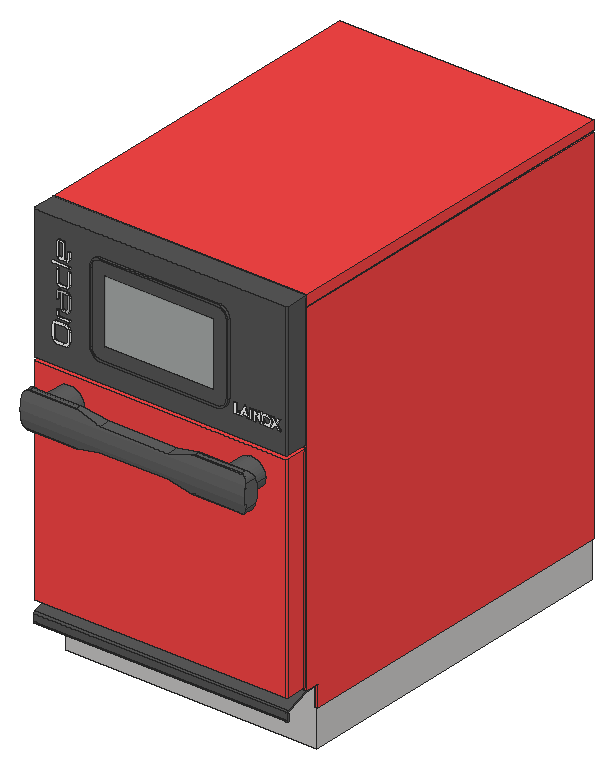
Revit family "QF_LAINOX_Oracle XS--", category Specialty Equipment, Revit 2021
Family settings
  Round Connector Dimension = Use Diameter
  Part Type = Normal
  OmniClass Number = 23.40.40.14
  OmniClass Title = Food Service Equipment
  Work Plane-Based = No
  Always vertical = Yes
  Cut with Voids When Loaded = No
  Shared = No
  Room Calculation Point = No
Parameters (values of type "ORXSTR_Red_230V 1Ph 50Hz")
  Mat_Plastic_Black Glossy = QF_Plastic-Black-Glossy
  Weight = 50.00 kg
  Volts = 230 V
  Volt Free Conn = no
  URL Manufacturer = "https://www.lainox.com"
  URL Cutsheet = "ORXSTR.pdf"
  URL = ""
  Show Symbol [instance] = yes
  Show Opening [instance] = yes
  Show Logo [instance] = yes
  Show Clearance [instance] = no
  Potential Equalisation = yes
  Phase = 1
  Number of Poles = 1
  Model = "ORXSTR Red"
  Mat_Logo_a = QF_Plastic-Gray-Matte
  Mat_Logo = QF_Plastic-White-Matte
  Mat_LCD = QF_Glass-Cast-Clear
  Mat_Clearance = QF_Clearance
  Mat_Case = QF_Stainless-Brushed
  Mat_Plastic_Black Matte = QF_Plastic-Black-Matte
  Mat_Case_Paint = QF_Plastic-Red
  Masterspec = ""
  Manufacturer = "LAINOX"
  Main switch integrated = no
  Length Actual = 356 mm  # constant formula
  Legs Height = 80 mm  # constant formula
  Language_Check = if(Language ID < 1, 1, if(Language ID > 8, 1, Language ID))  # 1
  Language ID = 1
  Keynote = "0"
  Item Number = "ORXSTR"
  Identify Quantity as Lot = no
  Height Actual = 579 mm  # constant formula
  Foodservice Equipment Identifier = yes
  FL Amps = 16 A
  Electrical Remarks = "Power Cable 2 mt"
  Electric power = 3600 W
  Elec Connection Height = 32 mm
  Description = if(Language_Check = 1, [1 Description_ENG], if(Language_Check = 2, [2 Description_USA], if(Language_Check = 3, [3 Description_ESP], if(Language_Check = 4, [4 Description_POR], if(Language_Check = 5, [5 Description_FRA], if(Language_Check = 6, [6 Description_DEU], if(Language_Check = 7, [7 Description_ITA], "")))))))  # "HIGH SPEED OVEN"
  Depth Actual = 624 mm  # constant formula
  Default Elevation = 0 mm
  D5 = 5 mm  # constant formula
  D2 = 2 mm  # constant formula
  Cycle = 50 Hz
  Conn Plug = "Plug IEC309"
  Clearance_Upper = 500 mm  # constant formula
  Clearance_Side_RH = 50 mm  # constant formula
  Clearance_Side_LH = 50 mm  # constant formula
  Clearance_Rear = 50 mm  # constant formula
  CE Approved = yes
  Base = 0 mm  # constant formula
  Author = ""
  Accessory = no
  7 Description_ITA = "FORNO COTTURA ACCELERATA"
  6 Description_DEU = "HOCHGESCHWINDIGKEITSOFEN"
  5 Description_FRA = "FOUR À GRANDE VITESSE"
  4 Description_POR = "FORNO DE COZIMENTO ACELERADO"
  3 Description_ESP = "HORNO DE ALTA VELOCIDAD"
  2 Description_USA = "HIGH SPEED OVEN"
  1 Description_ENG = "HIGH SPEED OVEN"
Types (3, lengths in mm): name | URL Cutsheet | Model | Mat_Case_Paint | Item Number
  ORXSTR_Red_230V 1Ph 50Hz | "ORXSTR.pdf" | "ORXSTR Red" | QF_Plastic-Red | "ORXSTR"
  ORXSTG_Steel_230V 1Ph 50Hz | "ORXSTG.pdf" | "ORXSTG Steel" | QF_Stainless-Brushed | "ORXSTG"
  ORXSTB_Black_230V 1Ph 50Hz | "ORXSTB.pdf" | "ORXSTB Black" | QF_Plastic-Black-Matte | "ORXSTB"
Reference planes
  plane 1 "Center (Front/Back)": y = 0
  plane 2: z = 0
  plane 3 "Center (Left/Right)": x = 0
  plane 4 "SX": x = -178
  plane 5 "DX": x = 178
  plane 6: y = -624
  plane 7 "High": z = 579
  plane 8 "PumpDisplacementX": x = 0
  plane 9: x = -228
  plane 10: x = 228
  plane 11: y = 50
  plane 12: z = 1079
  plane 13: y = -37.726
  plane 14 "porta": y = -575
  plane 15: y = -540.155
  plane 16: z = 51.5
  plane 17 "BASE": z = 0
  plane 18: x = -154.5
  plane 19: x = 154.5
  plane 20: y = -42.726
  plane 21: x = -173
  plane 22: x = 173
  plane 23: x = -148
  plane 24: x = 148
  plane 25: y = -137.726
  plane 26: z = 563.5
  plane 27: z = 392
  plane 28: z = 110
  plane 29: z = 86.8
  plane 30: z = 387
Forms (mm)
  Extrusion 1, solid, material "QF_Clearance", visible <- "Show Clearance"
    sketch origin (0, 0, 0) x (1, 0, 0) y (0, 1, 0)
      loop
        line (-228, -624) -> (228, -624) -> (228, 0) -> (-228, 0) -> (-228, -624)
    from 0 to 579
  Extrusion 2, solid, material "QF_Clearance", visible <- "Show Clearance"
    sketch origin (0, 0, 0) x (1, 0, 0) y (0, 1, 0)
      loop
        line (-178, -624) -> (178, -624) -> (178, 50) -> (-178, 50) -> (-178, -624)
    from 0 to 579
  Extrusion 3, solid, material "QF_Clearance", visible <- "Show Clearance"
    sketch origin (0, 0, 0) x (1, 0, 0) y (0, 1, 0)
      loop
        line (-178, -624) -> (178, -624) -> (178, 0) -> (-178, 0) -> (-178, -624)
    from 0 to 1079
  Extrusion 4, solid, material "QF_Plastic-Red" <- "Mat_Case_Paint", detail levels medium+fine
    sketch origin (-696.762, -1524, 51.5) x (-1, 0, 0) y (0, -1, 0)
      loop
        line (-518.762, -1486.274) -> (-518.762, -983.845) -> (-523.762, -983.845) -> (-523.762, -1481.274) -> (-869.762, -1481.274) -> (-869.762, -983.845) -> (-874.762, -983.845) -> (-874.762, -1486.274) -> (-518.762, -1486.274)
    from 0 to 527.5
  Extrusion 5, solid, material "QF_Stainless-Brushed" <- "Mat_Case", detail levels medium+fine
    sketch origin (-688.5, -540.155, 7500) x (-1, 0, 0) y (0, 0, 1)
      loop
        line (-512.5, -7448.5) -> (-864.5, -7448.5) -> (-864.5, -7500) -> (-512.5, -7500) -> (-512.5, -7448.5)
    from 19.04 to 502.429
  Extrusion 6, solid, material "QF_Stainless-Brushed" <- "Mat_Case", detail levels medium+fine
    sketch origin (-696.762, -1524, 71.5) x (-1, 0, 0) y (0, -1, 0)
      loop
        line (-737.262, -983.845) -> (-869.762, -983.845) -> (-869.762, -1481.274) -> (-523.762, -1481.274) -> (-523.762, -983.845) -> (-737.262, -983.845)
    from -20 to 492
  Extrusion 7, solid, material "QF_Plastic-Red" <- "Mat_Case_Paint", detail levels medium+fine
    sketch origin (-608.899, -1524, 563.5) x (-1, 0, 0) y (0, -1, 0)
      loop
        line (-430.899, -983.845) -> (-786.899, -983.845) -> (-786.899, -1486.274) -> (-430.899, -1486.274) -> (-430.899, -983.845)
    from 0 to 15.5
  Extrusion 8, void
    sketch origin (-608.899, -1524, 110) x (-1, 0, 0) y (0, -1, 0)
      loop
        line (-460.899, -1386.274) -> (-460.899, -983.845) -> (-756.899, -983.845) -> (-756.899, -1386.274) -> (-460.899, -1386.274)
    from 0 to 220
  Sweep 9, void
    path origin (-608.899, -1524, 563.5) x (-1, 0, 0) y (0, -1, 0)
      loop
        line (-430.899, -983.845) -> (-430.899, -1486.274) -> (-786.899, -1486.274) -> (-786.899, -983.845)
    profile "PRF_scalpel : PRF_scalpel" origin (0, -37.726, 563.5) x (0, 1, 0) y (0, 0, 1)
      loop
        line (-1, 0) -> (1, -2) -> (51, -2) -> (51, 2) -> (1, 2) -> (-1, 0)
  Extrusion 10, solid, material "QF_Stainless-Brushed" <- "Mat_Case", detail levels medium+fine
    sketch origin (0, 0, 0) x (0, 1, 0) y (0, 0, 1)
      loop
        line (-37.726, 364.922) -> (-37.726, 172.412) -> (0, 172.412) -> (0, 343.364) -> (-37.726, 364.922)
    from -70 to 70
  Extrusion 11, solid, material "QF_Plastic-Black-Glossy" <- "Mat_Plastic_Black Glossy", detail levels medium+fine
    sketch origin (-608.899, -1524, 392) x (-1, 0, 0) y (0, -1, 0)
      loop
        arc (-432.899, -983.845) -> (-431.485, -983.259) -> (-430.899, -981.845) r 2
        line (-430.899, -981.845) -> (-430.899, -951)
        arc (-430.899, -951) -> (-431.485, -949.586) -> (-432.899, -949) r 2
        line (-432.899, -949) -> (-784.899, -949)
        arc (-784.899, -949) -> (-786.314, -949.586) -> (-786.899, -951) r 2
        line (-786.899, -951) -> (-786.899, -981.845)
        arc (-786.899, -981.845) -> (-786.314, -983.259) -> (-784.899, -983.845) r 2
        line (-784.899, -983.845) -> (-432.899, -983.845)
    from 0 to 187
  Extrusion 12, solid, material "QF_Plastic-Red" <- "Mat_Case_Paint", detail levels medium+fine
    sketch origin (-647.096, -1524, 86.8) x (-1, 0, 0) y (0, -1, 0)
      loop
        arc (-474.096, -983.845) -> (-470.561, -982.38) -> (-469.096, -978.845) r 5
        line (-469.096, -978.845) -> (-469.096, -951)
        arc (-469.096, -951) -> (-469.682, -949.586) -> (-471.096, -949) r 2
        line (-471.096, -949) -> (-823.096, -949)
        arc (-823.096, -949) -> (-824.51, -949.586) -> (-825.096, -951) r 2
        line (-825.096, -951) -> (-825.096, -978.845)
        arc (-825.096, -978.845) -> (-823.632, -982.38) -> (-820.096, -983.845) r 5
        line (-820.096, -983.845) -> (-474.096, -983.845)
    from 0 to 300.2
  Sweep 13, solid, material "QF_Plastic-Black-Glossy" <- "Mat_Plastic_Black Glossy", detail levels medium+fine
    path origin (-696.762, -1524, 51.5) x (-1, 0, 0) y (0, -1, 0)
      loop
        line (-518.762, -983.845) -> (-874.762, -983.845)
    profile origin (0, -540.155, 51.5) x (0, 1, 0) y (0, 0, 1)
      loop
        line (19.04, 29.594) -> (0, 29.594) -> (-32.399, 19.142)
        arc (-32.399, 19.142) -> (-33.702, 18.198) -> (-34.2, 16.668) r 2.6
        line (-34.2, 16.668) -> (-34.2, 6.676)
        arc (-34.2, 6.676) -> (-32.966, 5.442) -> (-31.732, 6.676) r 1.234
        line (-31.732, 6.676) -> (-31.732, 15.491) -> (-33.1, 15.491) -> (-33.1, 16.668)
        arc (-33.1, 16.668) -> (-32.813, 17.551) -> (-32.061, 18.095) r 1.5
        line (-32.061, 18.095) -> (0.173, 28.494) -> (19.04, 28.494) -> (19.04, 29.594)
  Extrusion 14, void
    sketch origin (178, 180.447, 4000) x (0, -1, 0) y (0, 0, 1)
      loop
        line (701.563, -3918.906) -> (701.563, -4000) -> (755.447, -4000) -> (755.447, -3918.906) -> (701.563, -3918.906)
    from 0 to 356
Cuts and joins
  joined: Extrusion 1, Extrusion 2, Extrusion 3
  Sweep 9, Extrusion 14 cuts Extrusion 4
  Sweep 9 cuts Extrusion 7
  joined: Extrusion 4, Extrusion 7
  Extrusion 8, Extrusion 14 cuts Extrusion 6
  joined: Extrusion 5, Extrusion 6
Lines and regions (mm)
  model lines, style "QF_Detail Level Coarse", detail levels coarse
    curve 1: line (-178, 0, 0) -> (178, 0, 0)
    curve 2: line (-178, -624, 0) -> (-178, 0, 0)
    curve 3: line (178, -624, 0) -> (-178, -624, 0)
    curve 4: line (178, 0, 0) -> (178, -624, 0)
    curve 5: line (178, -624, 579) -> (178, -624, 0)
    curve 6: line (178, 0, 579) -> (178, 0, 0)
    curve 7: line (-178, 0, 579) -> (-178, 0, 0)
    curve 8: line (-178, 0, 579) -> (178, 0, 579)
    curve 9: line (178, 0, 579) -> (178, -624, 579)
    curve 10: line (-178, 0, 579) -> (-178, -624, 579)
    curve 11: line (-178, -624, 579) -> (178, -624, 579)
    curve 12: line (-178, -624, 579) -> (-178, -624, 0)
Dimensions and locks
  "Depth Actual": plane 6 to plane 1 "Center (Front/Back)"
  equal spacing: plane 4 "SX", plane 3 "Center (Left/Right)", plane 5 "DX"
  "Length Actual": plane 4 "SX" to plane 5 "DX"
  "Clearance_Side_RH": plane 5 "DX" to plane 10
  "Clearance_Side_LH": plane 9 to plane 4 "SX"
  "Clearance_Rear": plane 1 "Center (Front/Back)" to plane 11
  "Clearance_Upper": plane 12 to plane 7 "High"
  locked: plane 13 to plane 1 "Center (Front/Back)" at 37.726
  locked: plane 14 "porta" to plane 6 at 49
  locked: plane 15 to plane 6 at 83.845
  "Base": plane 17 "BASE" to plane 2
  locked: plane 16 to plane 17 "BASE" at 51.5
  locked: plane 4 "SX" to plane 18 at 23.5
  locked: plane 19 to plane 5 "DX" at 23.5
  locked: plane 4 "SX" to plane 21 at 5
  locked: plane 13 to plane 20 at 5
  locked: plane 22 to plane 5 "DX" at 5
  locked: plane 13 to plane 25 at 100
  locked: plane 4 "SX" to plane 23 at 30
  locked: plane 24 to plane 5 "DX" at 30
  locked: plane 7 "High" to plane 26 at 15.5
  locked: plane 7 "High" to plane 27 at 187
  Extrusion 10 sketch curve to plane 7 "High" = 406.588 mm
  plane 7 "High" to Extrusion 10 sketch curve = 235.636 mm
  plane 7 "High" to Extrusion 10 sketch curve = 214.078 mm
  "Height Actual": plane 7 "High" to plane 17 "BASE"
  locked: plane 29 to plane 17 "BASE" at 86.8
  locked: plane 27 to plane 30 at 5
  locked: plane 30 to nested 1 at 33
  equal spacing: plane 7 "High", nested 4, plane 27
  locked: Extrusion 5 sketch curve to plane 4 "SX" at 2
  locked: Extrusion 5 sketch curve to plane 5 "DX" at 2
  locked: plane 28 to plane 17 "BASE" at 110
  "D2": radius of Extrusion 12 sketch curve  (x2)
  "D5": radius of Extrusion 12 sketch curve  (x2)
  "D2": radius of Extrusion 11 sketch curve  (x4)
  aligned and locked: level to plane 2
  aligned and locked: plane 1 "Center (Front/Back)" to curve 1
  aligned and locked: plane 4 "SX" to curve 2
  aligned and locked: level to curve 6
  aligned and locked: level to curve 5
  aligned and locked: level to curve 7
  aligned and locked: curve 6 to plane 1 "Center (Front/Back)"
  aligned and locked: curve 7 to plane 1 "Center (Front/Back)"
  aligned and locked: curve 11 to plane 6
  aligned and locked: curve 8 to plane 7 "High"
  aligned and locked: curve 10 to plane 7 "High"
  aligned and locked: curve 9 to plane 7 "High"
  aligned and locked: curve 7 to curve 9
  aligned and locked: curve 12 to curve 7
  aligned and locked: curve 5 to curve 12
  aligned and locked: Extrusion 1 sketch curve to plane 9
  aligned and locked: Extrusion 1 sketch curve to plane 10
  aligned and locked: Extrusion 1 sketch curve to plane 6
  aligned and locked: Extrusion 1 sketch curve to plane 1 "Center (Front/Back)"
  aligned and locked: plane 7 "High" to Extrusion 1
  aligned and locked: Extrusion 1 to plane 2
  aligned and locked: Extrusion 2 sketch curve to plane 4 "SX"
  aligned and locked: plane 5 "DX" to Extrusion 2 sketch curve
  aligned and locked: plane 11 to Extrusion 2 sketch curve
  aligned and locked: Extrusion 2 sketch curve to plane 6
  aligned and locked: plane 7 "High" to Extrusion 2
  aligned and locked: Extrusion 2 to plane 2
  aligned and locked: Extrusion 3 sketch curve to plane 4 "SX"
  aligned and locked: plane 5 "DX" to Extrusion 3 sketch curve
  aligned and locked: Extrusion 3 sketch curve to plane 6
  aligned and locked: Extrusion 3 sketch curve to plane 1 "Center (Front/Back)"
  aligned and locked: Extrusion 3 to plane 2
  aligned and locked: plane 12 to Extrusion 3
  aligned and locked: Extrusion 4 sketch curve to plane 13
  aligned and locked: plane 4 "SX" to Extrusion 4 sketch curve
  aligned and locked: Extrusion 4 sketch curve to plane 5 "DX"
  aligned and locked: plane 15 to Extrusion 4 sketch curve  (x2)
  aligned and locked: Extrusion 5 sketch curve to plane 16
  aligned and locked: Extrusion 5 sketch curve to plane 17 "BASE"
  aligned and locked: plane 13 to Extrusion 5
  aligned and locked: plane 7 "High" to Extrusion 4
  aligned and locked: plane 21 to Extrusion 6 sketch curve
  aligned and locked: Extrusion 6 sketch curve to plane 22
  aligned and locked: Extrusion 6 sketch curve to plane 20
  aligned and locked: Extrusion 6 sketch curve to plane 15
  aligned and locked: plane 26 to Extrusion 6
  aligned and locked: Extrusion 7 sketch curve to plane 4 "SX"
  aligned and locked: plane 5 "DX" to Extrusion 7 sketch curve
  aligned and locked: plane 13 to Extrusion 7 sketch curve
  aligned and locked: Extrusion 7 sketch curve to plane 15
  aligned and locked: plane 7 "High" to Extrusion 7
  aligned and locked: Extrusion 8 sketch curve to plane 25
  aligned and locked: Extrusion 8 sketch curve to plane 23
  aligned and locked: plane 24 to Extrusion 8 sketch curve
  aligned and locked: plane 15 to Extrusion 8 sketch curve
  aligned and locked: plane 15 to Sweep 9 sketch curve  (x2)
  aligned and locked: Sweep 9 sketch curve to plane 13
  aligned and locked: plane 4 "SX" to Sweep 9 sketch curve
  aligned and locked: Sweep 9 sketch curve to plane 5 "DX"
  aligned and locked: Extrusion 10 sketch curve to plane 13
  aligned and locked: Extrusion 10 sketch curve to plane 1 "Center (Front/Back)"
  aligned and locked: plane 4 "SX" to Extrusion 11 sketch curve
  aligned and locked: Extrusion 11 sketch curve to plane 5 "DX"
  aligned and locked: Extrusion 11 sketch curve to plane 15
  aligned and locked: plane 14 "porta" to Extrusion 11 sketch curve
  aligned and locked: plane 7 "High" to Extrusion 11
  aligned and locked: plane 4 "SX" to Extrusion 12 sketch curve
  aligned and locked: Extrusion 12 sketch curve to plane 5 "DX"
  aligned and locked: Extrusion 12 sketch curve to plane 15
  aligned and locked: plane 14 "porta" to Extrusion 12 sketch curve
  aligned and locked: plane 30 to Extrusion 12
  aligned and locked: plane 4 "SX" to Sweep 13 sketch curve
  aligned and locked: plane 5 "DX" to Sweep 13 sketch curve
  aligned and locked: Sweep 13 sketch curve to plane 15
  aligned and locked: plane 3 "Center (Left/Right)" to nested 1
  aligned and locked: nested 1 to plane 14 "porta"
  aligned and locked: nested 4 to plane 3 "Center (Left/Right)"
  aligned and locked: Extrusion 14 sketch curve to plane 14 "porta"
  aligned and locked: Extrusion 14 sketch curve to level
  aligned and locked: Extrusion 14 to plane 4 "SX"
  aligned and locked: Extrusion 4 sketch curve to plane 21
  aligned and locked: plane 22 to Extrusion 4 sketch curve
  aligned and locked: plane 20 to Extrusion 4 sketch curve
  aligned and locked: plane 4 "SX" to nested 6
  aligned and locked: nested 6 to plane 13
  aligned and locked: plane 3 "Center (Left/Right)" to nested 7
  aligned and locked: nested 7 to plane 13
Automatic sketch dimensions
  curve 8 to plane 4 "SX" = 0 mm
  curve 8 to plane 5 "DX" = 0 mm
  curve 2 to plane 6 = 0 mm
  curve 6 to plane 7 "High" = 0 mm
  curve 5 to plane 7 "High" = 0 mm
  curve 9 to plane 6 = 0 mm
  curve 9 to plane 1 "Center (Front/Back)" = 0 mm
  curve 10 to plane 6 = 0 mm
  curve 10 to plane 1 "Center (Front/Back)" = 0 mm
  curve 12 to level = 0 mm
  curve 12 to plane 7 "High" = 0 mm
  curve 11 to plane 5 "DX" = 0 mm
  curve 11 to plane 4 "SX" = 0 mm
  curve 3 to plane 5 "DX" = 0 mm
  Extrusion 6 sketch curve to plane 23 = 188.5 mm
  Extrusion 14 sketch curve to plane 29 = 5.706 mm
  plane 15 to Extrusion 14 sketch curve = 19.04 mm
  Sweep 13 sketch curve to profile plane = 0 mm
  Sweep 13 sketch curve to Sweep 13 sketch curve = 0.132 mm
  plane 16 to Sweep 13 sketch curve = 18.095 mm
  Sweep 13 sketch curve to Sweep 13 sketch curve = 0.461 mm
  Sweep 13 sketch curve to Sweep 13 sketch curve = 1.234 mm
  Sweep 13 sketch curve to profile plane = 0.173 mm
  Sweep 13 sketch curve to Sweep 13 sketch curve = 18.866 mm
  plane 16 to Sweep 13 sketch curve = 6.676 mm
  Sweep 13 sketch curve to Sweep 13 sketch curve = 1.177 mm
  plane 16 to Sweep 13 sketch curve = 28.494 mm
  Sweep 13 sketch curve to Sweep 13 sketch curve = 1.1 mm
  Sweep 13 sketch curve to Sweep 13 sketch curve = 0.338 mm
  Sweep 13 sketch curve to Sweep 13 sketch curve = 0 mm  (x3)
  Sweep 13 sketch curve to Sweep 13 sketch curve = 1.047 mm
  profile plane to Sweep 13 sketch curve = 31.6 mm
Nested families
  nested 1: "Oracle_Maniglia_RL" at (0, -575, 354), Materiale <- "Mat_Plastic_Black Matte", type "KTM", detail levels medium+fine
    with Materiale QF_Plastic-Black-Matte
  nested 2: "Lainox_Logo_H14" at (104.25, -575, 420.5) x (1, 0, 0) z (0, -1, 0), visible <- "Show Logo", MAT_Lainox <- "Mat_Logo", type "KTM", detail levels medium+fine
    with MAT_Lainox QF_Plastic-White-Matte
  nested 3: "Oracle_Logo_H25" at (-126, -575, 420.5) x (0, 0, 1) z (0, -1, 0), visible <- "Show Logo", MAT_Or cle <- "Mat_Logo", MAT_a <- "Mat_Logo_a", type "KTM", detail levels medium+fine
    with MAT_a QF_Plastic-Gray-Matte, MAT_Or cle QF_Plastic-White-Matte
  nested 4: "Oracle_Display" at (0, -575, 485.5) x (-1, 0, 0) z (0, -1, 0), MAT_Cornice <- "Mat_Plastic_Black Glossy", MAT_Display <- "Mat_LCD", type "KTM", detail levels medium+fine
    with MAT_Display QF_Glass-Cast-Clear, MAT_Cornice QF_Plastic-Black-Glossy
  nested 5: "QF_Opening_SideView" at (0, -540.155, 86.8) x (0, 0, -1) z (1, 0, 0), visible <- "Show Opening", type "ktm"
    with Shift_Y 0 mm, Shift_X 26 mm, Opening Width 300 mm
  nested 6: "QF_GM_Connector" at (-178, -37.726, 0), type "Connector_00-Insertion Point"
    with Z Rotation 0.00°, Z Offset 100 mm, Z Mirror no, Z Flip no, Y Rotation 0.00°, Y Offset 100 mm, Y Mirror no, Y Flip no, X Rotation 0.00°, X Offset 100 mm, X Mirror no, X Flip no, Offset Z_P 100 mm, Offset Z_N 0 mm, Offset Y_P 100 mm, Offset Y_N 0 mm, Offset X_P 100 mm, Offset X_N 0 mm, Materiale none, Connector 3D no, CTRLD 0 mm
  nested 7: "QF_GM_Connector" at (0, -37.726, 32), built-in parameter 1001360 <- "Elec Connection Height", type "Connector_18-ELE Cable & Plug"
    with Z Rotation 0.00°, Z Offset 0 mm, Z Mirror no, Z Flip no, Y Rotation 0.00°, Y Offset 0 mm, Y Mirror no, Y Flip no, X Rotation 0.00°, X Offset 0 mm, X Mirror no, X Flip no, Offset Z_P 0 mm, Offset Z_N 0 mm, Offset Y_P 0 mm, Offset Y_N 0 mm, Offset X_P 0 mm, Offset X_N 0 mm, Materiale none, Connector 3D no, CTRLD 0 mm
Connectors
  electrical at (0, -37.726, 32), driven by "Number of Poles", driven by "Volts", driven by "Electric power", driven by "Electrical Remarks"
    settings: on nested 7, index 20, voltage 230 V, apparent load 3600 VA, apparent load phase1 0 VA, apparent load phase2 0 VA, apparent load phase3 0 VA, power factor 1, load classification "Power", number of poles 1, system type 30, power factor state 1, is connector primary yes, connector utility no, sub classification motor no, connector description "Power Cable 2 mt"
Definition of nested family "Oracle_Maniglia_RL"
  Parameters (values of type "KTM")
    Materiale [instance] = none
    L = 315 mm
    Default Elevation = 0 mm
  Reference planes
    plane 1 "Center (Front/Back)": y = 0
    plane 2: z = 0
    plane 3 "Center (Left/Right)": x = 0
    plane 4: x = -157.5
    plane 5: x = 157.5
    plane 6: x = -127.5
    plane 7: x = 127.5
    plane 8: y = -49
    plane 9: x = -47.5
    plane 10: x = -82.5
    plane 11: x = 47.5
    plane 12: x = 82.5
    plane 13: z = 16
    plane 14: z = -16
  Forms (mm)
    Extrusion 1, solid, material <- "Materiale"
      sketch origin (0, 0, 0) x (0, 1, 0) y (0, 0, 1)
        loop
          arc (-43.33, 25) -> (-43.889, 24.829) -> (-44.257, 24.375) r 1
          arc (-44.257, 24.375) -> (-49, 0) -> (-44.257, -24.375) r 65
          arc (-44.257, -24.375) -> (-43.889, -24.829) -> (-43.33, -25) r 1
          line (-43.33, -25) -> (-36.474, -25)
          arc (-36.474, -25) -> (-36.043, -24.902) -> (-35.696, -24.628) r 1
          arc (-35.696, -24.628) -> (-27, 0) -> (-35.696, 24.628) r 39.222
          arc (-35.696, 24.628) -> (-36.043, 24.902) -> (-36.474, 25) r 1
          line (-36.474, 25) -> (-43.33, 25)
      from -157.5 to 157.5
    Extrusion 2, void
      sketch origin (0, 0, 0) x (1, 0, 0) y (0, 0, 1)
        loop
          line (-47.5, -16) -> (-82.5, -25) -> (-148.5, -25)
          arc (-148.5, -25) -> (-154.864, -22.364) -> (-157.5, -16) r 9
          line (-157.5, -16) -> (-167.5, -16) -> (-167.5, -36) -> (172.5, -36) -> (172.5, -16) -> (157.5, -16)
          arc (157.5, -16) -> (154.864, -22.364) -> (148.5, -25) r 9
          line (148.5, -25) -> (82.5, -25) -> (47.5, -16) -> (-47.5, -16)
        loop
          line (-47.5, 16) -> (47.5, 16) -> (82.5, 25) -> (148.5, 25)
          arc (148.5, 25) -> (154.864, 22.364) -> (157.5, 16) r 9
          line (157.5, 16) -> (172.5, 16) -> (172.5, 36) -> (-167.5, 36) -> (-167.5, 16) -> (-157.5, 16)
          arc (-157.5, 16) -> (-154.864, 22.364) -> (-148.5, 25) r 9
          line (-148.5, 25) -> (-82.5, 25) -> (-47.5, 16)
      from 0 to 70.101
    Extrusion 3, solid, material <- "Materiale"
      sketch origin (0, 0, 0) x (1, 0, 0) y (0, 0, 1)
        loop
          circle (-127.5, 0) r 20
        loop
          circle (127.5, 0) r 20
      from 0 to 39.079
  Cuts and joins
    Extrusion 2 cuts Extrusion 1
    joined: Extrusion 1, Extrusion 3
  Dimensions and locks
    equal spacing: plane 4, plane 3 "Center (Left/Right)", plane 5
    "L": plane 4 to plane 5
    locked: plane 4 to plane 6 at 30
    locked: plane 7 to plane 5 at 30
    locked: plane 8 to plane 1 "Center (Front/Back)" at 49
    plane 4 to plane 10 to plane 9 = 75 mm locked, 35 mm locked
    plane 5 to plane 12 to plane 11 = 75 mm locked, 35 mm locked
    plane 13 to level to plane 14 = 16 mm locked, 16 mm locked
    locked: plane 4 to Extrusion 2 sketch curve at 10  (x2)
    locked: Extrusion 2 sketch curve to plane 5 at 15  (x2)
    aligned and locked: level to plane 2
    aligned and locked: Extrusion 1 to plane 4
    aligned and locked: plane 5 to Extrusion 1
    aligned and locked: plane 9 to Extrusion 2 sketch curve  (x2)
    aligned and locked: plane 11 to Extrusion 2 sketch curve  (x2)
    aligned and locked: Extrusion 2 sketch curve to plane 13
    aligned and locked: Extrusion 2 sketch curve to plane 14
    aligned and locked: plane 10 to Extrusion 2 sketch curve  (x2)
    aligned and locked: plane 12 to Extrusion 2 sketch curve  (x2)
    aligned and locked: plane 6 to Extrusion 3 sketch curve
    aligned and locked: plane 7 to Extrusion 3 sketch curve
  Automatic sketch dimensions
    Extrusion 1 sketch curve to level = 0 mm  (x2)
    Extrusion 1 sketch curve to plane 8 = 17.222 mm
    plane 8 to Extrusion 1 sketch curve = 5.67 mm  (x2)
    plane 8 to Extrusion 1 sketch curve = 12.526 mm  (x2)
    Extrusion 1 sketch curve to plane 1 "Center (Front/Back)" = 16 mm
    Extrusion 1 sketch curve to level = 24 mm
    Extrusion 1 sketch curve to Extrusion 1 sketch curve = 0 mm  (x4)
    Extrusion 1 sketch curve to Extrusion 1 sketch curve = 1 mm  (x2)
    level to Extrusion 1 sketch curve = 24 mm
    Extrusion 2 sketch curve to plane 4 = 0 mm  (x2)
    Extrusion 2 sketch curve to plane 13 = 0 mm  (x2)
    Extrusion 2 sketch curve to plane 14 = 0 mm  (x2)
    Extrusion 2 sketch curve to plane 5 = 0 mm  (x2)
    plane 4 to Extrusion 2 sketch curve = 9 mm  (x2)
    Extrusion 2 sketch curve to plane 5 = 9 mm  (x2)
    Extrusion 2 sketch curve to Extrusion 2 sketch curve = 20 mm
    Extrusion 2 sketch curve to plane 14 = 20 mm
    Extrusion 3 sketch curve to level = 0 mm  (x2)
    radius of Extrusion 3 sketch curve = 20 mm  (x2)
Definition of nested family "Lainox_Logo_H14"
  Parameters (values of type "KTM")
    MAT_Lainox [instance] = none
    Default Elevation = 0 mm
  Reference planes
    plane 1 "Center (Front/Back)": y = 0
    plane 2: z = 0
    plane 3 "Center (Left/Right)": x = 0
  Forms (mm)
    Extrusion 1, solid, material <- "MAT_Lainox"
      sketch origin (-23.443, -208.972, 0) x (1, 0, 0) y (0, 1, 0)
        loop
          circle (69.408, 216.031) r 7.384
        loop
          circle (69.408, 216.031) r 4.428
        loop
          line (30.145, 208.972) -> (31.546, 212.146) -> (26.72, 212.146) -> (26.72, 222.972) -> (23.443, 222.972) -> (23.443, 208.972) -> (30.145, 208.972)
        loop
          line (35.891, 211.661) -> (39.835, 211.661) -> (41.022, 208.972) -> (44.592, 208.972) -> (37.863, 224.21) -> (33.669, 214.712) -> (30.254, 214.712) -> (32.521, 212.113) -> (31.134, 208.972) -> (34.704, 208.972) -> (35.891, 211.661)
        loop
          line (48.234, 208.972) -> (48.234, 222.972) -> (44.981, 222.972) -> (44.981, 208.972) -> (48.234, 208.972)
        loop
          line (61.047, 208.254) -> (61.047, 222.972) -> (57.945, 222.972) -> (57.945, 217.493) -> (53.452, 222.972) -> (48.98, 222.972) -> (50.484, 221.138) -> (50.484, 208.972) -> (53.678, 208.972) -> (53.678, 217.242) -> (61.047, 208.254)
        loop
          line (78.434, 208.972) -> (81.478, 213.161) -> (84.485, 208.972) -> (88.783, 208.972) -> (83.641, 216.137) -> (88.608, 222.972) -> (84.743, 222.972) -> (81.72, 218.812) -> (78.735, 222.972) -> (74.436, 222.972) -> (79.558, 215.837) -> (74.569, 208.972) -> (78.434, 208.972)
        loop
          line (38.487, 214.712) -> (37.863, 216.126) -> (37.239, 214.712) -> (38.487, 214.712)
      from 0 to 1
  Dimensions and locks
    aligned and locked: level to plane 2
Definition of nested family "Oracle_Logo_H25"
  Parameters (values of type "KTM")
    MAT_a [instance] = none
    MAT_Or cle [instance] = none
    Default Elevation = 0 mm
  Reference planes
    plane 1 "Center (Front/Back)": y = 0
    plane 2: z = 0
    plane 3 "Center (Left/Right)": x = 0
  Forms (mm)
    Extrusion 1, solid, material <- "MAT_Or cle"
      sketch origin (13.934, -280.172, 0) x (1, 0, 0) y (0, 1, 0)
        loop
          arc (13.643, 302.059) -> (10.62, 304.356) -> (6.912, 305.172) r 8.834
          line (6.912, 305.172) -> (-5.954, 305.172)
          arc (-5.954, 305.172) -> (-9.662, 304.356) -> (-12.684, 302.059) r 8.834
          arc (-12.684, 302.059) -> (-13.612, 300.47) -> (-13.934, 298.659) r 5.25
          line (-13.934, 298.659) -> (-13.934, 286.685)
          arc (-13.934, 286.685) -> (-13.612, 284.873) -> (-12.684, 283.284) r 5.25
          arc (-12.684, 283.284) -> (-9.662, 280.987) -> (-5.954, 280.172) r 8.834
          line (-5.954, 280.172) -> (6.912, 280.172)
          arc (6.912, 280.172) -> (10.62, 280.987) -> (13.643, 283.284) r 8.834
          arc (13.643, 283.284) -> (14.57, 284.873) -> (14.893, 286.685) r 5.25
          line (14.893, 286.685) -> (14.893, 298.659)
          arc (14.893, 298.659) -> (14.57, 300.47) -> (13.643, 302.059) r 5.25
        loop
          arc (10.111, 301.097) -> (8.413, 301.919) -> (6.547, 302.202) r 6.301
          line (6.547, 302.202) -> (-5.589, 302.202)
          arc (-5.589, 302.202) -> (-7.455, 301.919) -> (-9.153, 301.097) r 6.301
          arc (-9.153, 301.097) -> (-10.067, 300.07) -> (-10.397, 298.735) r 2.864
          line (-10.397, 298.735) -> (-10.397, 286.608)
          arc (-10.397, 286.608) -> (-10.067, 285.273) -> (-9.153, 284.246) r 2.864
          arc (-9.153, 284.246) -> (-7.455, 283.424) -> (-5.589, 283.141) r 6.301
          line (-5.589, 283.141) -> (6.547, 283.141)
          arc (6.547, 283.141) -> (8.413, 283.424) -> (10.111, 284.246) r 6.301
          arc (10.111, 284.246) -> (11.025, 285.273) -> (11.355, 286.608) r 2.864
          line (11.355, 286.608) -> (11.355, 298.735)
          arc (11.355, 298.735) -> (11.025, 300.07) -> (10.111, 301.097) r 2.864
        loop
          arc (24.61, 299.11) -> (21.904, 298.538) -> (19.662, 296.919) r 6.682
          arc (19.662, 296.919) -> (18.927, 295.728) -> (18.671, 294.353) r 3.819
          line (18.671, 294.353) -> (18.671, 281.802)
          arc (18.671, 281.802) -> (20.301, 280.172) -> (21.931, 281.802) r 1.63
          line (21.931, 281.802) -> (21.931, 294.066)
          arc (21.931, 294.066) -> (22.056, 294.744) -> (22.413, 295.334) r 1.909
          arc (22.413, 295.334) -> (23.547, 296.167) -> (24.923, 296.461) r 3.357
          line (24.923, 296.461) -> (28.832, 296.461)
          arc (28.832, 296.461) -> (30.156, 297.786) -> (28.832, 299.11) r 1.324
          line (28.832, 299.11) -> (24.61, 299.11)
        loop
          arc (65.294, 299.11) -> (62.588, 298.538) -> (60.346, 296.919) r 6.682
          arc (60.346, 296.919) -> (59.611, 295.728) -> (59.355, 294.353) r 3.819
          line (59.355, 294.353) -> (59.355, 284.929)
          arc (59.355, 284.929) -> (59.611, 283.554) -> (60.346, 282.363) r 3.819
          arc (60.346, 282.363) -> (62.588, 280.744) -> (65.294, 280.172) r 6.682
          line (65.294, 280.172) -> (80.633, 280.172)
          arc (80.633, 280.172) -> (81.957, 281.496) -> (80.633, 282.82) r 1.324
          line (80.633, 282.82) -> (65.606, 282.82)
          arc (65.606, 282.82) -> (64.231, 283.115) -> (63.097, 283.948) r 3.357
          arc (63.097, 283.948) -> (62.74, 284.537) -> (62.615, 285.216) r 1.909
          line (62.615, 285.216) -> (62.615, 294.066)
          arc (62.615, 294.066) -> (62.74, 294.744) -> (63.097, 295.334) r 1.909
          arc (63.097, 295.334) -> (64.231, 296.167) -> (65.606, 296.461) r 3.357
          line (65.606, 296.461) -> (80.633, 296.461)
          arc (80.633, 296.461) -> (81.957, 297.786) -> (80.633, 299.11) r 1.324
          line (80.633, 299.11) -> (65.294, 299.11)
        loop
          arc (94.267, 282.363) -> (96.509, 280.744) -> (99.215, 280.172) r 6.682
          line (99.215, 280.172) -> (106.329, 280.172)
          arc (106.329, 280.172) -> (107.654, 281.496) -> (106.329, 282.82) r 1.324
          line (106.329, 282.82) -> (99.528, 282.82)
          arc (99.528, 282.82) -> (98.152, 283.115) -> (97.018, 283.948) r 3.357
          arc (97.018, 283.948) -> (96.661, 284.537) -> (96.536, 285.216) r 1.909
          line (96.536, 285.216) -> (96.536, 288.093) -> (116.774, 288.093)
          arc (116.774, 288.093) -> (118.124, 288.652) -> (118.683, 290.002) r 1.909
          line (118.683, 290.002) -> (118.683, 294.353)
          arc (118.683, 294.353) -> (118.427, 295.728) -> (117.692, 296.919) r 3.819
          arc (117.692, 296.919) -> (115.45, 298.538) -> (112.744, 299.11) r 6.682
          line (112.744, 299.11) -> (99.215, 299.11)
          arc (99.215, 299.11) -> (96.509, 298.538) -> (94.267, 296.919) r 6.682
          arc (94.267, 296.919) -> (93.532, 295.728) -> (93.276, 294.353) r 3.819
          line (93.276, 294.353) -> (93.276, 284.929)
          arc (93.276, 284.929) -> (93.532, 283.554) -> (94.267, 282.363) r 3.819
        loop
          arc (99.528, 296.461) -> (98.152, 296.167) -> (97.018, 295.334) r 3.357
          arc (97.018, 295.334) -> (96.661, 294.744) -> (96.536, 294.066) r 1.909
          line (96.536, 294.066) -> (96.536, 290.742) -> (115.423, 290.742) -> (115.423, 294.066)
          arc (115.423, 294.066) -> (115.298, 294.744) -> (114.941, 295.334) r 1.909
          arc (114.941, 295.334) -> (113.807, 296.167) -> (112.431, 296.461) r 3.357
          line (112.431, 296.461) -> (99.528, 296.461)
        loop
          line (85.912, 303.562) -> (85.912, 281.781)
          arc (85.912, 281.781) -> (87.521, 280.172) -> (89.131, 281.781) r 1.609
          line (89.131, 281.781) -> (89.131, 303.562)
          arc (89.131, 303.562) -> (87.521, 305.172) -> (85.912, 303.562) r 1.609
      from 0 to 1
    Extrusion 2, solid, material <- "MAT_a"
      sketch origin (13.934, -280.172, 0) x (1, 0, 0) y (0, 1, 0)
        loop
          arc (54.593, 296.919) -> (52.35, 298.538) -> (49.644, 299.11) r 6.682
          line (49.644, 299.11) -> (43.95, 299.11)
          arc (43.95, 299.11) -> (42.625, 297.786) -> (43.95, 296.461) r 1.324
          line (43.95, 296.461) -> (49.332, 296.461)
          arc (49.332, 296.461) -> (51.202, 295.838) -> (52.323, 294.216) r 3.115
          line (52.323, 294.216) -> (52.323, 293.416) -> (34.893, 293.416)
          arc (34.893, 293.416) -> (32.187, 292.844) -> (29.945, 291.225) r 6.682
          arc (29.945, 291.225) -> (29.21, 290.034) -> (28.954, 288.658) r 3.819
          line (28.954, 288.658) -> (28.954, 284.929)
          arc (28.954, 284.929) -> (29.21, 283.554) -> (29.945, 282.363) r 3.819
          arc (29.945, 282.363) -> (32.187, 280.744) -> (34.893, 280.172) r 6.682
          line (34.893, 280.172) -> (49.644, 280.172)
          arc (49.644, 280.172) -> (52.35, 280.744) -> (54.593, 282.363) r 6.682
          arc (54.593, 282.363) -> (55.327, 283.554) -> (55.584, 284.929) r 3.819
          line (55.584, 284.929) -> (55.584, 294.353)
          arc (55.584, 294.353) -> (55.327, 295.728) -> (54.593, 296.919) r 3.819
        loop
          arc (49.332, 282.82) -> (50.707, 283.115) -> (51.841, 283.948) r 3.357
          arc (51.841, 283.948) -> (52.199, 284.537) -> (52.323, 285.216) r 1.909
          line (52.323, 285.216) -> (52.323, 290.767) -> (35.206, 290.767)
          arc (35.206, 290.767) -> (33.83, 290.472) -> (32.696, 289.64) r 3.357
          arc (32.696, 289.64) -> (32.339, 289.05) -> (32.214, 288.372) r 1.909
          line (32.214, 288.372) -> (32.214, 285.216)
          arc (32.214, 285.216) -> (32.339, 284.537) -> (32.696, 283.948) r 1.909
          arc (32.696, 283.948) -> (33.83, 283.115) -> (35.206, 282.82) r 3.357
          line (35.206, 282.82) -> (49.332, 282.82)
      from 0 to 1
  Dimensions and locks
    aligned and locked: level to plane 2
Definition of nested family "Oracle_Display"
  Parameters (values of type "KTM")
    MAT_Cornice [instance] = none
    MAT_Display [instance] = none
    Default Elevation = 0 mm
  Reference planes
    plane 1 "Center (Front/Back)": y = 0
    plane 2: z = 0
    plane 3 "Center (Left/Right)": x = 0
  Forms (mm)
    Extrusion 1, solid, material <- "MAT_Cornice"
      sketch origin (0, 0, 0) x (1, 0, 0) y (0, 1, 0)
        loop
          arc (-97, -50) -> (-92.607, -60.607) -> (-82, -65) r 15
          line (-82, -65) -> (82, -65)
          arc (82, -65) -> (92.607, -60.607) -> (97, -50) r 15
          line (97, -50) -> (97, 50)
          arc (97, 50) -> (92.607, 60.607) -> (82, 65) r 15
          line (82, 65) -> (-82, 65)
          arc (-82, 65) -> (-92.607, 60.607) -> (-97, 50) r 15
          line (-97, 50) -> (-97, -50)
        loop
          arc (-82, 63) -> (-91.192, 59.192) -> (-95, 50) r 13
          line (-95, 50) -> (-95, -50)
          arc (-95, -50) -> (-91.192, -59.192) -> (-82, -63) r 13
          line (-82, -63) -> (82, -63)
          arc (82, -63) -> (91.192, -59.192) -> (95, -50) r 13
          line (95, -50) -> (95, 50)
          arc (95, 50) -> (91.192, 59.192) -> (82, 63) r 13
          line (82, 63) -> (-82, 63)
      from 0 to 3
    Extrusion 2, solid, material <- "MAT_Cornice"
      sketch origin (0, 0, 0) x (1, 0, 0) y (0, 1, 0)
        loop
          arc (-82, 63) -> (-91.192, 59.192) -> (-95, 50) r 13
          line (-95, 50) -> (-95, -50)
          arc (-95, -50) -> (-91.192, -59.192) -> (-82, -63) r 13
          line (-82, -63) -> (82, -63)
          arc (82, -63) -> (91.192, -59.192) -> (95, -50) r 13
          line (95, -50) -> (95, 50)
          arc (95, 50) -> (91.192, 59.192) -> (82, 63) r 13
          line (82, 63) -> (-82, 63)
        loop
          line (-77, -45) -> (77, -45) -> (77, 45) -> (-77, 45) -> (-77, -45)
      from 0 to 2
    Extrusion 3, solid, material <- "MAT_Cornice"
      sketch origin (0, 0, 0) x (1, 0, 0) y (0, 1, 0)
        loop
          line (-77, 45) -> (-77, -45) -> (77, -45) -> (77, 45) -> (-77, 45)
      from 0 to 1
    Extrusion 4, solid, material <- "MAT_Display"
      sketch origin (0, 0, 0) x (1, 0, 0) y (0, 1, 0)
        loop
          line (-77, 45) -> (-77, -45) -> (77, -45) -> (77, 45) -> (-77, 45)
      from 1 to 2
  Cuts and joins
    joined: Extrusion 1, Extrusion 2, Extrusion 3
  Dimensions and locks
    aligned and locked: level to plane 2
Definition of nested family "QF_Opening_SideView"
  Parameters (values of type "ktm")
    Shift_Y [instance] = 50 mm
    Shift_X [instance] = 50 mm
    Opening Width [instance] = 600 mm
    Manufacturer = "Gjiom by www.RevitLandia.com"  # constant formula
    Default Elevation = 0 mm
  Reference planes
    plane 1 "Center (Front/Back)": y = 0
    plane 2: z = 0
    plane 3 "Center (Left/Right)": x = 0
    plane 4: x = -650
    plane 5: y = -50
    plane 6: x = -50
    plane 7: y = -650
  Lines and regions (mm)
    symbolic lines
      curve 1: line (-50, -50, 0) -> (-50, -650, 0)
      curve 2: arc (-650, -50, 0) -> (-474.264, -474.264, 0) -> (-50, -650, 0) r 600
  Dimensions and locks
    "Shift_X": plane 5 to plane 1 "Center (Front/Back)"
    "Shift_Y": plane 6 to plane 3 "Center (Left/Right)"
    "Opening Width": plane 4 to plane 6
    "Opening Width": plane 5 to plane 7
    "Opening Width": radius of curve 2
    aligned and locked: level to plane 2
    aligned and locked: plane 5 to curve 1
    aligned and locked: plane 5 to curve 2
    aligned and locked: plane 6 to curve 2
    aligned and locked: curve 1 to plane 6
